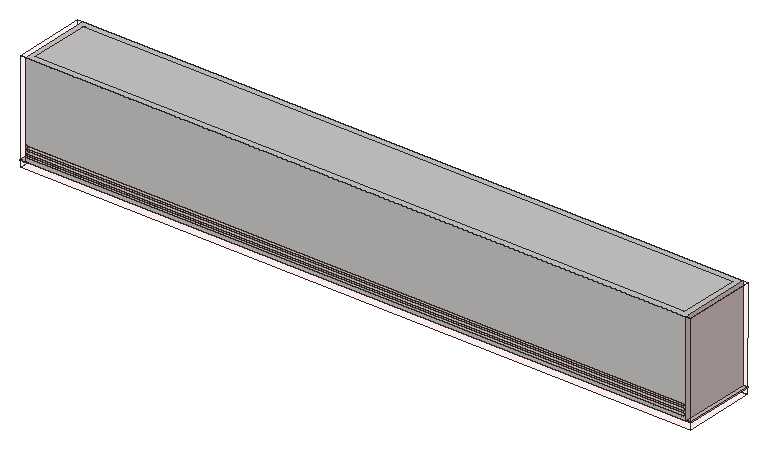
Revit family "Air-Curtain_Specialty_PoweredAire_HDX-Hazardous", category Mechanical Equipment, host Face, Revit 2016
Family settings
  Host = Face
  Part Type = Normal
  Round Connector Dimension = Use Diameter
  OmniClass Number = 23.75.35.17.21
  OmniClass Title = Air Curtains
  Cut with Voids When Loaded = No
  Shared = No
  Room Calculation Point = No
Parameters (values of type "192'' Nozzle")
  Warranty Duration (Years) = 0
  Unit Width Notes = "Other Widths available."  # constant formula
  Unit Width = 16' - 3 1/4"
  Unit Weight = 1170
  Unit Height = 1' - 9"
  Unit Depth = 2' - 3 1/4"
  URL = "http://www.poweredaire.com/"
  Test Data = ""
  Standards Conformance = "Class I C and D  ;  Class II F and G  ;  Made in USA"
  Specification = "http://www.arcat.com/sdspecs/htm04/23_34_33pai.htm"
  SpecWizard = ""
  Sound Pressure = ">69 dBA"
  Sales Information = "http://www.poweredaire.com/contact_us"
  Revision = "R1_2016-08"
  Projection from Host [instance] = 0' - 2"
  Product Properties = ""
  Product Data = "http://www.arcat.com/arcatcos/cos47/arc47623.html"
  Power Rating = 0 W
  Nozzle Width = if(1 = 1, Unit Width - 0' 3", 0' 0")  # 16' - 0 1/4"
  Mounting Width = if(1 = 1, Unit Width - 0' 1 1/2", 0' 0")  # 16' - 1 3/4"
  Mounting Height [instance] = 3' - 6"
  Motor RPM = 1160
  Motor HP = 3
  Motor Count = 3
  Model = "HDX-3-192"
  Max Height = 17' - 0"
  Manufacturer Website = "http://www.poweredaire.com/"
  Manufacturer Phone - Toll Free = "888-321-2473"
  Manufacturer Phone = "724-588-3305"
  Manufacturer Fax = "724-588-3371"
  Manufacturer Address = "109 Mortensen Rd.  Greenville, PA 16125"
  Manufacturer = "Powered Aire, Inc"
  Maintenance Schedule (Months) = 0
  Keynote = "23 34 33"
  Installation-Fabrication = ""
  Installation Phase = ""
  Include Clearance [instance] = yes
  Heating Element Load = 0 W
  HVAC_Temperature Rise = 0 °F
  HVAC_Outlet Volume = 15700 CFM
  HVAC_Outlet Velocity Uniformity = 0.863
  HVAC_Outlet Velocity = 6200 FPM
  Green Building-LEED = "http://www.arcat.com/green/clients/leed_data_47623.html"
  Front Grating Material [instance] = Metal - Steel - PoweredAire - Stainless 304 Perforated
  Frame Finish [instance] = Metal - Steel - PoweredAire - Stainless 304
  Expected Lifespan (Years) = 0
  Electrical_Wattage [instance] = Power Rating + Heating Element Load  # 0 W
  Electrical_Voltage [instance] = 0 V
  Electrical_Phase [instance] = 1
  Electrical_Frequency [instance] = 0 Hz
  Electrical_Amperage [instance] = 0 A
  Drawn By = "Sumex Design, Inc. / Robert S. Weygant, CSI, CDT, SCIP"
  Description = "Powered Aire Unheated Hazardous Area Air Curtain - HDX-3-192 as Specified"
  Default Elevation = 0' - 0"  # constant formula
  Copyright = "©Arcat Inc."
  Construction Details = "http://www.arcat.com/details/powair/prod3336.html"
  Clearance_Top [instance] = 0' - 0"
  Clearance_Side B [instance] = 0' - 0"
  Clearance_Side A [instance] = 0' - 0"
  Clearance_Intake [instance] = 0' - 0"
  Clearance_Bottom [instance] = 0' - 0"
  Clearance Material [instance] = ARCAT Clearance
  Building Codes = ""
  Available Options [instance] = "as Specified"
  Assembly Code = "D3090400"
Types (7): name | Unit Width | Unit Weight | Sound Pressure | Nozzle Width | Mounting Width | Motor Count | Model | HVAC_Outlet Volume | HVAC_Outlet Velocity Uniformity | HVAC_Outlet Velocity | Description
  192'' Nozzle | 16' - 3 1/4" | 1170 | ">69 dBA" | 16' - 0 1/4" | 16' - 1 3/4" | 3 | "HDX-3-192" | 15700 CFM | 0.863 | 6200 FPM | "Powered Aire Unheated Hazardous Area Air Curtain - HDX-3-192 as Specified"
  180'' Nozzle | 15' - 3 1/4" | 1150 | ">69 dBA" | 15' - 0 1/4" | 15' - 1 3/4" | 3 | "HDX-3-180" | 15000 CFM | 0.863 | 6200 FPM | "Powered Aire Unheated Hazardous Area Air Curtain - HDX-3-180 as Specified"
  144'' Nozzle | 12' - 3 1/8" | 830 | ">69 dBA" | 12' - 0 1/8" | 12' - 1 5/8" | 2 | "HDX-2-144" | 11200 CFM | 0.863 | 5900 FPM | "Powered Aire Unheated Hazardous Area Air Curtain - HDX-2-144 as Specified"
  132'' Nozzle | 11' - 3 1/8" | 805 | ">69 dBA" | 11' - 0 1/8" | 11' - 1 5/8" | 2 | "HDX-2-132" | 10400 CFM | 0.863 | 5900 FPM | "Powered Aire Unheated Hazardous Area Air Curtain - HDX-2-132 as Specified"
  120'' Nozzle | 10' - 3 1/8" | 785 | ">69 dBA" | 10' - 0 1/8" | 10' - 1 5/8" | 2 | "HDX-2-120" | 9700 CFM | 0.92 | 5800 FPM | "Powered Aire Unheated Hazardous Area Air Curtain - HDX-2-120 as Specified"
  72'' Nozzle | 6' - 3" | 420 | "69 dBA" | 6' - 0" | 6' - 1 1/2" | 1 | "HDX-1-72" | 5600 CFM | 0.863 | 5900 FPM | "Powered Aire Unheated Hazardous Area Air Curtain - HDX-1-72 as Specified"
  60'' Nozzle | 5' - 3" | 400 | "69 dBA" | 5' - 0" | 5' - 1 1/2" | 1 | "HDX-1-60" | 4900 CFM | 0.92 | 5800 FPM | "Powered Aire Unheated Hazardous Area Air Curtain - HDX-1-60 as Specified"
Reference planes (in)
  plane 1 "Center (Elevation)": y = 10.63818
  plane 2: z = 0
  plane 3 "Center (Left/Right)": x = 0
  plane 4: y = 21.13818
  plane 5 "BoC": y = 0.13818
  plane 6: x = -97.625
  plane 7: x = 97.625
  plane 8: z = 29.25
  plane 9 "FF": y = -41.86182
  plane 10: z = 2
  plane 11: x = 96.125
  plane 12: x = -96.125
  plane 13: y = 21.13818
  plane 14: y = 0.13818
  plane 15: x = -97.625
  plane 16: x = 97.625
  plane 17: z = 29.25
  plane 18: y = 0.13818
  plane 19: x = 96.0625
  plane 20: x = -96.0625
Forms (in)
  Extrusion 1, solid, material "ARCAT Clearance" <- "Clearance Material", visible <- "Include Clearance"
    sketch origin (0, 0, 0) x (0, 1, 0) y (0, 0, 1)
      loop
        line (0.13818, 29.25) -> (0.13818, 0) -> (21.13818, 0) -> (21.13818, 29.25) -> (0.13818, 29.25)
    from -97.625 to 97.625
  Extrusion 2, solid, material "Metal - Steel - PoweredAire - Stainless 304" <- "Frame Finish"
    sketch origin (0, 10.63818, 0) x (1, 0, 0) y (0, 0, 1)
      loop
        line (96.125, 29.25) -> (-96.125, 29.25) -> (-96.125, 2) -> (96.125, 2) -> (96.125, 29.25)
    from -10.5 to 10.5
  Extrusion 3, void
    sketch origin (0, 0, 0) x (0, 1, 0) y (0, 0, 1)
      loop
        line (0.13818, 4) -> (0.13818, 3) -> (1.63818, 3) -> (1.63818, 6.5) -> (0.13818, 6.5) -> (0.13818, 5.5) -> (1.38818, 5.5) -> (1.38818, 5.25) -> (0.13818, 5.25) -> (0.13818, 4.25) -> (1.38818, 4.25) -> (1.38818, 4) -> (0.13818, 4)
    from -96.0625 to 96.0625
  Extrusion 4, solid, material "Metal - Steel - PoweredAire - Stainless 304" <- "Frame Finish"
    sketch origin (-15.17702, -180, 2) x (-1, 0, 0) y (0, -1, 0)
      loop
        line (-111.30202, -201.13818) -> (-111.30202, -180.13818) -> (-112.80202, -180.13818) -> (-112.80202, -201.13818) -> (-111.30202, -201.13818)
      loop
        line (80.94798, -201.13818) -> (82.44798, -201.13818) -> (82.44798, -180.13818) -> (80.94798, -180.13818) -> (80.94798, -201.13818)
    from 0 to 0.125
  Extrusion 5, solid, material "Metal - Steel - PoweredAire - Stainless 304 Perforated" <- "Front Grating Material"
    sketch origin (96.125, 10.63818, 29.25) x (-1, 0, 0) y (0, -1, 0)
      loop
        line (1.5, -9) -> (190.75, -9) -> (190.75, 9) -> (1.5, 9) -> (1.5, -9)
    from 0 to 0.03125
Cuts and joins
  Extrusion 3 cuts Extrusion 2
Dimensions and locks (in)
  equal spacing: plane 4, plane 1 "Center (Elevation)", plane 5 "BoC"
  "Unit Height": plane 4 to plane 5 "BoC"
  equal spacing: plane 6, plane 3 "Center (Left/Right)", plane 7
  "Unit Width": plane 6 to plane 7
  "Mounting Height": plane 5 "BoC" to plane 9 "FF"
  "Projection from Host": plane 10 to level
  "Unit Depth": plane 8 to plane 10
  locked: plane 6 to plane 12 at 1.5
  locked: plane 11 to plane 7 at 1.5
  "Clearance_Side A": plane 7 to plane 16
  "Clearance_Side B": plane 15 to plane 6
  "Clearance_Top": plane 13 to plane 4
  "Clearance_Bottom": plane 5 "BoC" to plane 14
  "Clearance_Intake": plane 17 to plane 8
  locked: plane 7 to Extrusion 2 sketch curve at 1.5
  locked: Extrusion 2 sketch curve to plane 6 at 1.5
  locked: plane 18 to plane 5 "BoC" at 0
  locked: plane 12 to Extrusion 5 sketch curve at 1.5
  locked: Extrusion 5 sketch curve to plane 11 at 1.5
  locked: Extrusion 5 sketch curve to plane 5 "BoC" at 1.5
  locked: plane 20 to plane 12 at 0.0625
  locked: plane 11 to plane 19 at 0.0625
  Extrusion 3 sketch curve to Extrusion 3 sketch curve to Extrusion 3 sketch curve to Extrusion 3 sketch curve to Extrusion 3 sketch curve to Extrusion 3 sketch curve to plane 10 = 0' - 1" locked, 0' - 0 1/4" locked, 0' - 1" locked, 0' - 0 1/4" locked, 0' - 1" locked, 0' - 1" locked
  locked: plane 4 to Extrusion 5 sketch curve at 1.5
  aligned and locked: plane 2 to host face
  aligned and locked: level to host face
  aligned and locked: Extrusion 1 sketch curve to plane 17
  aligned and locked: plane 14 to Extrusion 1 sketch curve
  aligned and locked: level to Extrusion 1 sketch curve
  aligned and locked: Extrusion 1 sketch curve to plane 13
  aligned and locked: plane 16 to Extrusion 1
  aligned and locked: Extrusion 1 to plane 15
  aligned and locked: Extrusion 2 to plane 4
  aligned and locked: Extrusion 2 to plane 18
  aligned and locked: Extrusion 4 sketch curve to plane 4  (x2)
  aligned and locked: Extrusion 2 sketch curve to plane 10
  aligned and locked: Extrusion 3 to plane 20
  aligned and locked: plane 19 to Extrusion 3
  aligned and locked: Extrusion 2 sketch curve to plane 8
  aligned and locked: plane 18 to Extrusion 4 sketch curve  (x2)
Automatic sketch dimensions
  host sketch curve to host sketch curve = 8' - 0"  (x2)
  Extrusion 4 sketch curve to plane 7 = 0' - 0"
  Extrusion 4 sketch curve to plane 11 = 0' - 0"
  Extrusion 4 sketch curve to plane 12 = 0' - 0"
  Extrusion 4 sketch curve to plane 6 = 0' - 0"
  Extrusion 3 sketch curve to plane 5 "BoC" = 0' - 0"  (x3)
  plane 18 to Extrusion 3 sketch curve = 0' - 1 1/4"
  Extrusion 3 sketch curve to Extrusion 3 sketch curve = 0' - 0"
  Extrusion 3 sketch curve to Extrusion 3 sketch curve = 0' - 0 1/4"
Connectors (in)
  electrical at (-96.125, 10.63818, 15.625), driven by "Electrical_Voltage", driven by "Electrical_Phase"
    settings: on cut or joined group of Extrusion 2, Extrusion 3, index 1, voltage 0 V, apparent load 0 VA, apparent load phase1 0 VA, apparent load phase2 0 VA, apparent load phase3 0 VA, power factor 1, load classification "Other", number of poles 1, system type 31, power factor state 1, is connector primary yes, connector utility no, sub classification motor no, connector description ""
